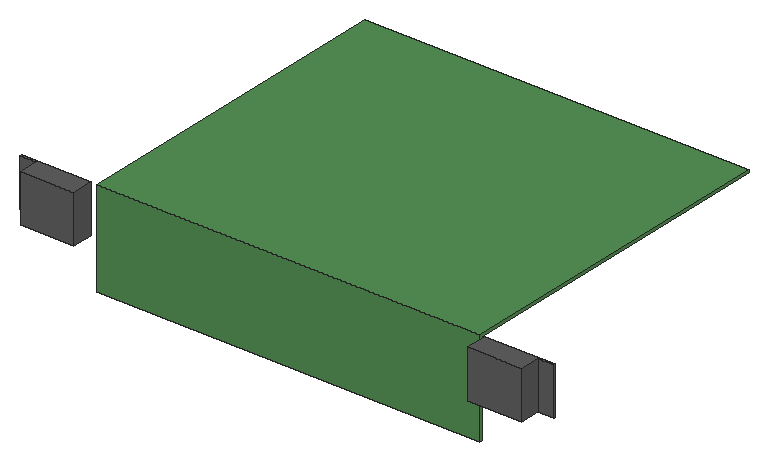
Revit family "aFX", category Specialty Equipment, host Floor, Revit 2015
Parameters (values of type "6x6")
  URL = "http://kelleyentrematic.com/"
  Model = "aFX"
  Manufacturer = "Kelley Entrematic"
  Description = "Airbag Leveler"
  LipExtension = 0' - 0"
  PitWidth = 6' - 2"
  PitLength = 5' - 3"
  PitDepthR = PitDepth - 0' 0 1/2"  # 1' - 7 1/2"
  PitDepth = 1' - 8"
  LipLength = 1' - 6"
  Curb = 0' - 3"
  Capacity = "30-50k"
Types (18): name | LipExtension | PitWidth | PitLength | PitDepthR | PitDepth
  6x6 | 0' - 0" | 6' - 2" | 5' - 3" | 1' - 7 1/2" | 1' - 8"
  6x8 | 0' - 0" | 6' - 2" | 7' - 3" | 1' - 7 1/2" | 1' - 8"
  6.5x6 | 0' - 0" | 6' - 8" | 5' - 3" | 1' - 7 1/2" | 1' - 8"
  6.5x8 | 0' - 0" | 6' - 8" | 7' - 3" | 1' - 7 1/2" | 1' - 8"
  7x6 | 0' - 0" | 7' - 1" | 5' - 3" | 1' - 7 1/2" | 1' - 8"
  7x8 | 0' - 0" | 7' - 1" | 7' - 3" | 1' - 7 1/2" | 1' - 8"
  6x10 | 0' - 0" | 6' - 2" | 9' - 3" | 1' - 11 1/2" | 2' - 0"
  6.5x10 | 0' - 0" | 6' - 8" | 9' - 3" | 1' - 11 1/2" | 2' - 0"
  7x10 | 0' - 0" | 7' - 1" | 9' - 3" | 1' - 11 1/2" | 2' - 0"
  6x6 Barrier Lip | 0' - 5" | 6' - 2" | 5' - 3" | 1' - 7 1/2" | 1' - 8"
  6x8 Barrier Lip | 0' - 5" | 6' - 2" | 7' - 3" | 1' - 7 1/2" | 1' - 8"
  6x10 Barrier Lip | 0' - 5" | 6' - 2" | 9' - 3" | 1' - 11 1/2" | 2' - 0"
  7x10 Barrier Lip | 0' - 5" | 7' - 1" | 9' - 3" | 1' - 11 1/2" | 2' - 0"
  7x6 Barrier Lip | 0' - 5" | 7' - 1" | 5' - 3" | 1' - 7 1/2" | 1' - 8"
  7x8 Barrier Lip | 0' - 5" | 7' - 1" | 7' - 3" | 1' - 7 1/2" | 1' - 8"
  6.5x10 Barrier Lip | 0' - 5" | 6' - 8" | 9' - 3" | 1' - 11 1/2" | 2' - 0"
  6.5x6 Barrier Lip | 0' - 5" | 6' - 8" | 5' - 3" | 1' - 7 1/2" | 1' - 8"
  6.5x8 Barrier Lip | 0' - 5" | 6' - 8" | 7' - 3" | 1' - 7 1/2" | 1' - 8"
Reference planes (in)
  plane 1 "Center (Front/Back)": y = 0
  plane 2: z = 0
  plane 3 "Center (Left/Right)": x = 0
  plane 4 "Lip Width": y = -59.5
  plane 5 "pit right": x = 37
  plane 6 "Pit left": x = -37
  plane 7 "pit rear": y = 3
  plane 8 "curb angle left": x = -40
  plane 9: x = -36
  plane 10 "curb angle right": x = 40
  plane 11: x = 36
  plane 12 "curb angle rear": y = 6
  plane 13 "Curb angle - Front": y = -57
  plane 14 "Edge of Dock": y = -60
  plane 15: z = -0.5
  plane 16: z = -19.5
  plane 17: z = -20
  plane 18: y = -9
  plane 19: y = -48
  plane 20 "Lip Length": z = -18
  plane 21: x = 58
  plane 22: x = -58
  plane 23: z = -3
  plane 24: z = -23
  plane 25: z = 0
  plane 26: z = 0
  plane 27: z = -9
  plane 28: x = -47.125
  plane 29: x = -50.125
  plane 30: y = -60.25
  plane 31: y = -64
  plane 32: x = 47.125
  plane 33: x = 50.125
Forms (in)
  Extrusion 1, void
    sketch origin (0, 0, 0) x (0, 1, 0) y (0, 0, 1)
      loop
        line (3, 0) -> (-60, 0) -> (-60, -20) -> (-48, -20) -> (-9, -19.5) -> (3, -19.5) -> (3, 0)
    from -37 to 37
  Extrusion 2, solid, material "Kelly Diamond"
    sketch origin (0, 0, 0) x (1, 0, 0) y (0, 1, 0)
      loop
        line (-36, 3) -> (-36, -60) -> (36, -60) -> (36, 3) -> (-36, 3)
    from -0.5 to 0
  Extrusion 3, solid, material "Kelly Diamond"
    sketch origin (0, 0, 0) x (1, 0, 0) y (0, 0, 1)
      loop
        line (-36, 0) -> (-36, -18) -> (36, -18) -> (36, 0) -> (-36, 0)
    from 59.5 to 60
  Extrusion 4, solid, material "BUMPER"
    sketch origin (0, 0, 0) x (-1, 0, 0) y (0, -1, 0)
      loop
        line (37, 60) -> (50.125, 60) -> (50.125, 60.25) -> (47.125, 60.25) -> (47.125, 64) -> (37, 64) -> (37, 60)
      loop
        line (-37, 60) -> (-37, 64) -> (-47.125, 64) -> (-47.125, 60.25) -> (-50.125, 60.25) -> (-50.125, 60) -> (-37, 60)
    from -9 to 0
Cuts and joins
  joined: Extrusion 2, Extrusion 3
Lines and regions (in)
  model lines
    curve 1: line (-40, 6, 0) -> (40, 6, 0)
    curve 2: line (40, 6, 0) -> (40, 3, 0)
    curve 3: line (40, 3, 0) -> (-40, 3, 0)
    curve 4: line (-40, 3, 0) -> (-40, 6, 0)
    curve 5: line (-40, 3, 0) -> (-40, -57, 0)
    curve 6: line (-37, -57, 0) -> (-37, 3, 0)
    curve 7: line (-37, -57, 0) -> (-58, -57, 0)
    curve 8: line (-58, -57, 0) -> (-58, -60, 0)
    curve 9: line (-58, -60, 0) -> (-37, -60, 0)
    curve 10: line (40, 3, 0) -> (40, -57, 0)
    curve 11: line (37, -57, 0) -> (37, 3, 0)
    curve 12: line (37, -60, 0) -> (58, -60, 0)
    curve 13: line (58, -60, 0) -> (58, -57, 0)
    curve 14: line (58, -57, 0) -> (37, -57, 0)
    curve 15: line (-58, -60, 0) -> (-58, -60, -3)
    curve 16: line (-58, -60, -3) -> (-37, -60, -3)
    curve 17: line (-37, -60, -3) -> (-37, -60, 0)
    curve 18: line (-40, -60, -3) -> (-40, -60, -23)
    curve 19: line (-40, -60, -20) -> (-37, -60, -20)
    curve 20: line (-40, -60, -23) -> (40, -60, -23)
    curve 21: line (40, -60, -23) -> (40, -60, -3)
    curve 22: line (37, -60, -20) -> (40, -60, -20)
    curve 23: line (37, -60, -20) -> (37, -60, 0)
    curve 24: line (37, -60, -3) -> (58, -60, -3)
    curve 25: line (58, -60, -3) -> (58, -60, 0)
    curve 26: line (-37, -60, -3) -> (-37, -60, -20)
    curve 27: line (-37, -60, -20) -> (37, -60, -20)
    curve 28: line (-37, -57, 0) -> (-37, -60, 0)
    curve 29: line (37, -57, 0) -> (37, -60, 0)
Dimensions and locks (in)
  equal spacing: host sketch curve, plane 1 "Center (Front/Back)", host sketch curve
  equal spacing: host sketch curve, plane 3 "Center (Left/Right)", host sketch curve
  host sketch curve to host sketch curve = 10' - 0"  (x2)
  equal spacing: plane 6 "Pit left", plane 3 "Center (Left/Right)", plane 5 "pit right"
  "PitWidth": plane 6 "Pit left" to plane 5 "pit right"
  "PitLength": plane 14 "Edge of Dock" to plane 7 "pit rear"
  "Curb": plane 8 "curb angle left" to plane 6 "Pit left"
  locked: plane 6 "Pit left" to plane 9 at 1
  locked: plane 11 to plane 5 "pit right" at 1
  "Curb": plane 5 "pit right" to plane 10 "curb angle right"
  "Curb": plane 7 "pit rear" to plane 12 "curb angle rear"
  "Curb": plane 14 "Edge of Dock" to plane 13 "Curb angle - Front"
  "PitDepthR": level to plane 16
  "PitDepth": level to plane 17
  locked: plane 7 "pit rear" to plane 18 at 12
  locked: plane 19 to plane 14 "Edge of Dock" at 12
  "LipLength": level to plane 20 "Lip Length"
  locked: plane 22 to plane 6 "Pit left" at 21
  locked: plane 5 "pit right" to plane 21 at 21
  "LipExtension": plane 26 to level
  locked: plane 24 to plane 17 at 3
  locked: level to plane 15 at 0.5
  locked: plane 14 "Edge of Dock" to plane 4 "Lip Width" at 0.5
  locked: plane 3 "Center (Left/Right)" to connector elem at 14
  locked: connector elem to level at 16
  locked: curve 9 to plane 30 at 0.25
  locked: plane 31 to curve 9 at 4
  locked: plane 28 to plane 6 "Pit left" at 10.125
  locked: plane 29 to plane 6 "Pit left" at 13.125
  locked: plane 5 "pit right" to plane 32 at 10.125
  locked: plane 5 "pit right" to plane 33 at 13.125
  aligned and locked: level to plane 2
  aligned and locked: plane 14 "Edge of Dock" to host floor
  aligned and locked: plane 19 to Extrusion 1 sketch curve
  aligned and locked: plane 16 to Extrusion 1 sketch curve
  aligned and locked: Extrusion 1 sketch curve to plane 18
  aligned and locked: plane 17 to Extrusion 1 sketch curve
  aligned and locked: Extrusion 1 sketch curve to plane 14 "Edge of Dock"
  aligned and locked: Extrusion 1 to plane 6 "Pit left"
  aligned and locked: Extrusion 1 to plane 5 "pit right"
  aligned and locked: plane 7 "pit rear" to Extrusion 2 sketch curve
  aligned and locked: Extrusion 2 sketch curve to plane 9
  aligned and locked: Extrusion 2 sketch curve to plane 14 "Edge of Dock"
  aligned and locked: Extrusion 2 to plane 15
  aligned and locked: level to Extrusion 2
  aligned and locked: Extrusion 3 sketch curve to Extrusion 2
  aligned and locked: plane 20 "Lip Length" to Extrusion 3 sketch curve
  aligned and locked: Extrusion 3 sketch curve to plane 11
  aligned and locked: Extrusion 3 to plane 14 "Edge of Dock"
  aligned and locked: Extrusion 3 to plane 4 "Lip Width"
  aligned and locked: Extrusion 2 sketch curve to plane 11
  aligned and locked: curve 7 to plane 13 "Curb angle - Front"
  aligned and locked: curve 8 to plane 22
  aligned and locked: curve 5 to plane 8 "curb angle left"
  aligned and locked: plane 6 "Pit left" to curve 6
  aligned and locked: curve 3 to plane 7 "pit rear"
  aligned and locked: plane 12 "curb angle rear" to curve 1
  aligned and locked: curve 2 to plane 10 "curb angle right"
  aligned and locked: plane 5 "pit right" to curve 11
  aligned and locked: curve 10 to plane 10 "curb angle right"
  aligned and locked: curve 14 to plane 13 "Curb angle - Front"
  aligned and locked: plane 14 "Edge of Dock" to curve 12
  aligned and locked: curve 13 to plane 21
  aligned and locked: plane 24 to curve 18
  aligned and locked: plane 23 to curve 16
  aligned and locked: curve 15 to plane 22
  aligned and locked: plane 6 "Pit left" to curve 17
  aligned and locked: curve 22 to plane 5 "pit right"
  aligned and locked: curve 21 to plane 10 "curb angle right"
  aligned and locked: curve 22 to plane 17
  aligned and locked: curve 25 to plane 21
  aligned and locked: curve 19 to curve 27
  aligned and locked: plane 14 "Edge of Dock" to curve 9
  aligned and locked: plane 26 to Extrusion 3 sketch curve
  aligned and locked: plane 23 to curve 24
  aligned and locked: plane 24 to curve 20
  aligned and locked: plane 27 to Extrusion 4
  aligned and locked: level to Extrusion 4
  aligned and locked: cut or joined group of Extrusion 2, Extrusion 3 to plane 7 "pit rear"
  aligned and locked: plane 30 to Extrusion 4 sketch curve
  aligned and locked: Extrusion 4 sketch curve to plane 29
  aligned and locked: Extrusion 4 sketch curve to plane 28
  aligned and locked: Extrusion 4 sketch curve to curve 9
  aligned and locked: Extrusion 4 sketch curve to plane 6 "Pit left"
  aligned and locked: plane 31 to Extrusion 4 sketch curve
  aligned and locked: Extrusion 4 sketch curve to plane 33
  aligned and locked: plane 32 to Extrusion 4 sketch curve
  aligned and locked: Extrusion 4 sketch curve to plane 31
  aligned and locked: Extrusion 4 sketch curve to plane 30
  aligned and locked: Extrusion 4 sketch curve to plane 5 "pit right"
  aligned and locked: curve 9 to Extrusion 4 sketch curve
Automatic sketch dimensions
  Extrusion 1 sketch curve to level = 0' - 0"
  Extrusion 1 sketch curve to plane 7 "pit rear" = 0' - 0"
  plane 8 "curb angle left" to curve 20 = 0' - 0"
  curve 25 to level = 0' - 0"
  plane 21 to curve 25 = 0' - 0"
  curve 27 to plane 17 = 0' - 0"
  curve 16 to plane 23 = 0' - 0"
  curve 23 to level = 0' - 0"
  curve 17 to level = 0' - 0"
  curve 15 to level = 0' - 0"
Connectors (in)
  electrical at (14, 3, -16)
    settings: on plane 7 "pit rear", index 1, voltage 120 V, apparent load 0 VA, apparent load phase1 0 VA, apparent load phase2 0 VA, apparent load phase3 0 VA, power factor 1, load classification "Other", number of poles 1, system type 31, power factor state 1, is connector primary yes, connector utility no, sub classification motor no, connector description ""
